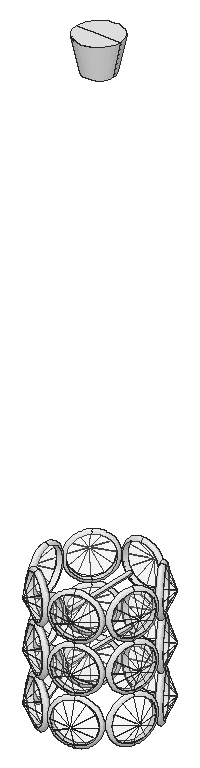
Revit family
Parameters (values of type "Incandescente 60 W")
  Тип линзы = Елемент STILLUX : Серебро
  Wattage Comments = "60"
  Wattage = 60 W
  built-in parameter 1150110 = 1 (stored number, unit not read)
  built-in parameter 1114217 = 1 (stored number, unit not read)
  built-in parameter 1150109 = 1 (stored number, unit not read)
  built-in parameter 1150134 = 4
  built-in parameter 1150113 = 1 (stored number, unit not read)
  Tilt Angle = 90.00°
  built-in parameter 1010507 = 1.5708 (stored number, unit not read)
  built-in parameter 1010506 = 0.5236 (stored number, unit not read)
  Lumens = 720 lm
  built-in parameter 1150115 = 1 (stored number, unit not read)
  built-in parameter 1150105 = 2407.4 (stored number, unit not read)
  Light Source Symbol Length = 3048 mm
  built-in parameter 1150137 = (empty or 0)
  built-in parameter 1150139 = (empty or 0)
  built-in parameter 1150112 = 1 (stored number, unit not read)
  built-in parameter 1150114 = 1 (stored number, unit not read)
  Hauteur interne = 70 mm
  Rayon_1 = 135 mm
  Rayon = 129.5 mm
  Hauteur de la mise en place [instance] = 1000 mm
  Matériau = 503. Metall serebro
  Manufacturer = ""
  Lamp = "Incandescente"
  built-in parameter 1150132 = (empty or 0)
  built-in parameter 1150102 = (empty or 0)
  built-in parameter 1150138 = (empty or 0)
  built-in parameter 1150107 = 2800 (stored number, unit not read)
  built-in parameter 1150106 = 24.074 (stored number, unit not read)
  built-in parameter 1150104 = 1.1148 (stored number, unit not read)
  Dimming Lamp Color Temperature Shift = (empty or 0)
  Description = ""
  Color Filter = 16777215
  built-in parameter 1114218 = 1 (stored number, unit not read)
  built-in parameter 1150133 = 10 (stored number, unit not read)
  Assembly Code = "D5020220"
Reference planes
  plane 1 "Axe de la source d'éclairage (av./arr.)": y = 0
  plane 2: z = 0
  plane 3 "Axe de la source d'éclairage (G/D)": x = 0
  plane 4 "Plafond": z = 3000
  plane 5 "Elévation de la source d'éclairage": z = 2000
  plane 6: z = 2151.095
  plane 7: z = 2070
Forms (mm)
  Revolve 1, solid, material "503. Metall serebro" <- "Matériau"
    sketch origin (0, 0, 0) x (1, 0, 0) y (0, 0, 1)
      loop
        line (0, 3000) -> (-37, 3000) -> (-25, 2943) -> (-5, 2943) -> (-5, 2938) -> (0, 2938) -> (0, 3000)
      axis (0, 2938) -> (0, 3000)
    angle from 0 to 360
  Extrusion 2, solid, material "503. Metall serebro" <- "Matériau"
    sketch origin (0, 0, 0) x (1, 0, 0) y (0, 0, 1)
      loop
        circle (0, 2070) r 3
      loop
        circle (0, 2151.095) r 3
    from -67.004 to 66.851
  Extrusion 3, void
    sketch origin (0, 0, 2000) x (-1, 0, 0) y (0, -1, 0)
      loop
        circle (0, 0) r 80
    from 0 to 200
Lines and regions (mm)
  Masking region 1
    outline origin (0, 0, 2000) x (-1, 0, 0) y (0, -1, 0)
      loop
        circle (0, 0) r 120
  model lines
    curve 1: line (0, 0, 2938) -> (0, 0, 2128)
  symbolic lines
    curve 2: line (0, 0, 2000) -> (84.853, 84.853, 2000)
    curve 3: line (0, 0, 2000) -> (-84.853, -84.853, 2000)
    curve 4: line (0, 0, 2000) -> (-84.853, 84.853, 2000)
    curve 5: line (0, 0, 2000) -> (84.853, -84.853, 2000)
Dimensions and locks
  equal spacing: host sketch curve, plane 3 "Axe de la source d'éclairage (G/D)", host sketch curve
  equal spacing: host sketch curve, plane 1 "Axe de la source d'éclairage (av./arr.)", host sketch curve
  host sketch curve to host sketch curve = 4000 mm  (x2)
  locked: plane 4 "Plafond" to host ceiling at 0
  locked: Revolve 1 sketch curve to Revolve 1 sketch curve at 57
  locked: plane 7 to plane 6 at 81.095
  "Hauteur interne": plane 5 "Elévation de la source d'éclairage" to plane 7
  "Hauteur de la mise en place": plane 5 "Elévation de la source d'éclairage" to plane 4 "Plafond"
  imposter light to Extrusion 3 = 200 mm
  radius of Masking region 1 sketch curve = 120 mm
  aligned and locked: plane 3 "Axe de la source d'éclairage (G/D)" to Revolve 1 sketch curve
  aligned and locked: plane 4 "Plafond" to Revolve 1 sketch curve
  aligned and locked: curve 1 to Revolve 1
  aligned and locked: imposter light to plane 3 "Axe de la source d'éclairage (G/D)"
  aligned and locked: plane 1 "Axe de la source d'éclairage (av./arr.)" to imposter light
  aligned and locked: plane 5 "Elévation de la source d'éclairage" to imposter light
  aligned and locked: plane 5 "Elévation de la source d'éclairage" to Extrusion 3
  aligned and locked: nested 1 to Extrusion 3
  aligned and locked: nested 2 to Extrusion 3
  aligned and locked: nested 3 to Extrusion 3
  aligned and locked: nested 4 to Extrusion 3
  aligned and locked: nested 5 to Extrusion 3
  aligned and locked: nested 6 to Extrusion 3
  aligned and locked: nested 7 to Extrusion 3
Automatic sketch dimensions
  curve 1 to plane 5 "Elévation de la source d'éclairage" = 128 mm
  plane 4 "Plafond" to curve 1 = 62 mm
  Revolve 1 sketch curve to plane 3 "Axe de la source d'éclairage (G/D)" = 0 mm
  Revolve 1 sketch curve to plane 3 "Axe de la source d'éclairage (G/D)" = 5 mm
  Revolve 1 sketch curve to Revolve 1 sketch curve = 20 mm
  Revolve 1 sketch curve to Revolve 1 sketch curve = 37 mm
  Revolve 1 sketch curve to Revolve 1 sketch curve = 5 mm
  Revolve 1 sketch curve to level = 358.228 mm
  Revolve 1 sketch curve to plane 4 "Plafond" = 362.185 mm
  Extrusion 2 sketch curve to plane 3 "Axe de la source d'éclairage (G/D)" = 0 mm  (x2)
  Extrusion 2 sketch curve to plane 7 = 0 mm
  Extrusion 2 sketch curve to plane 6 = 0 mm
  plane 1 "Axe de la source d'éclairage (av./arr.)" to Masking region 1 sketch curve = 0 mm
  Masking region 1 sketch curve to plane 3 "Axe de la source d'éclairage (G/D)" = 0 mm
  plane 1 "Axe de la source d'éclairage (av./arr.)" to curve 3 = 0 mm
  curve 3 to plane 3 "Axe de la source d'éclairage (G/D)" = 0 mm
  plane 3 "Axe de la source d'éclairage (G/D)" to curve 5 = 84.853 mm
  plane 3 "Axe de la source d'éclairage (G/D)" to curve 2 = 84.853 mm
  curve 4 to plane 3 "Axe de la source d'éclairage (G/D)" = 84.853 mm
  curve 3 to plane 3 "Axe de la source d'éclairage (G/D)" = 84.853 mm
  curve 4 to plane 1 "Axe de la source d'éclairage (av./arr.)" = 84.853 mm
  curve 2 to plane 1 "Axe de la source d'éclairage (av./arr.)" = 84.853 mm
  plane 1 "Axe de la source d'éclairage (av./arr.)" to Extrusion 3 sketch curve = 0 mm
  Extrusion 3 sketch curve to plane 3 "Axe de la source d'éclairage (G/D)" = 0 mm
  radius of Extrusion 2 sketch curve = 3 mm  (x2)
  radius of Extrusion 3 sketch curve = 80 mm
Nested families
  nested 1: "Елемент STILLUX" at (67.91, 42.287, 2000) x (0, 0, 1) z (0.8489, 0.5286, 0), type <- "Тип линзы", type "Серебро"
    with Стекло 504. Steklo beloe
  nested 2: "Елемент STILLUX" at (8.487, 79.549, 2000) x (0, 0, 1) z (0.1061, 0.9944, 0), type <- "Тип линзы", type "Серебро"
    with Стекло 504. Steklo beloe
  nested 3: "Елемент STILLUX" at (-56.569, 56.569, 2000) x (0, 0, 1) z (-0.7071, 0.7071, 0), type <- "Тип линзы", type "Серебро"
    with Стекло 504. Steklo beloe
  nested 4: "Елемент STILLUX" at (-79.696, -6.972, 2000) x (0, 0, 1) z (-0.9962, -0.0872, 0), type <- "Тип линзы", type "Серебро"
    with Стекло 504. Steklo beloe
  nested 5: "Елемент STILLUX" at (-43.571, -67.094, 2000) x (0, 0, 1) z (-0.5446, -0.8387, 0), type <- "Тип линзы", type "Серебро"
    with Стекло 504. Steklo beloe
  nested 6: "Елемент STILLUX" at (24.841, -76.046, 2000) x (0, 0, 1) z (0.3105, -0.9506, 0), type <- "Тип линзы", type "Серебро"
    with Стекло 504. Steklo beloe
  nested 7: "Елемент STILLUX" at (75.218, -27.243, 2000) x (0, 0, 1) z (0.9402, -0.3405, 0), type <- "Тип линзы", type "Серебро"
    with Стекло 504. Steklo beloe
  nested 8: "Елемент STILLUX" at (67.91, 42.287, 2080) x (0, 0, 1) z (0.8489, 0.5286, 0), type <- "Тип линзы", type "Серебро"
    with Стекло 504. Steklo beloe
  nested 9: "Елемент STILLUX" at (8.487, 79.549, 2080) x (0, 0, 1) z (0.1061, 0.9944, 0), type <- "Тип линзы", type "Серебро"
    with Стекло 504. Steklo beloe
  nested 10: "Елемент STILLUX" at (-56.569, 56.569, 2080) x (0, 0, 1) z (-0.7071, 0.7071, 0), type <- "Тип линзы", type "Серебро"
    with Стекло 504. Steklo beloe
  nested 11: "Елемент STILLUX" at (-79.696, -6.972, 2080) x (0, 0, 1) z (-0.9962, -0.0872, 0), type <- "Тип линзы", type "Серебро"
    with Стекло 504. Steklo beloe
  nested 12: "Елемент STILLUX" at (-43.571, -67.094, 2080) x (0, 0, 1) z (-0.5446, -0.8387, 0), type <- "Тип линзы", type "Серебро"
    with Стекло 504. Steklo beloe
  nested 13: "Елемент STILLUX" at (24.841, -76.046, 2080) x (0, 0, 1) z (0.3105, -0.9506, 0), type <- "Тип линзы", type "Серебро"
    with Стекло 504. Steklo beloe
  nested 14: "Елемент STILLUX" at (75.218, -27.243, 2080) x (0, 0, 1) z (0.9402, -0.3405, 0), type <- "Тип линзы", type "Серебро"
    with Стекло 504. Steklo beloe
  nested 15: "Елемент STILLUX" at (67.91, 42.287, 2160) x (0, 0, 1) z (0.8489, 0.5286, 0), type <- "Тип линзы", type "Серебро"
    with Стекло 504. Steklo beloe
  nested 16: "Елемент STILLUX" at (8.487, 79.549, 2160) x (0, 0, 1) z (0.1061, 0.9944, 0), type <- "Тип линзы", type "Серебро"
    with Стекло 504. Steklo beloe
  nested 17: "Елемент STILLUX" at (-56.569, 56.569, 2160) x (0, 0, 1) z (-0.7071, 0.7071, 0), type <- "Тип линзы", type "Серебро"
    with Стекло 504. Steklo beloe
  nested 18: "Елемент STILLUX" at (-79.696, -6.972, 2160) x (0, 0, 1) z (-0.9962, -0.0872, 0), type <- "Тип линзы", type "Серебро"
    with Стекло 504. Steklo beloe
  nested 19: "Елемент STILLUX" at (-43.571, -67.094, 2160) x (0, 0, 1) z (-0.5446, -0.8387, 0), type <- "Тип линзы", type "Серебро"
    with Стекло 504. Steklo beloe
  nested 20: "Елемент STILLUX" at (24.841, -76.046, 2160) x (0, 0, 1) z (0.3105, -0.9506, 0), type <- "Тип линзы", type "Серебро"
    with Стекло 504. Steklo beloe
  nested 21: "Елемент STILLUX" at (75.218, -27.243, 2160) x (0, 0, 1) z (0.9402, -0.3405, 0), type <- "Тип линзы", type "Серебро"
    with Стекло 504. Steklo beloe
Definition of nested family "Елемент STILLUX"
  Parameters (values of type "Серебро")
    Стекло [instance] = 504. Steklo beloe
    Default Elevation = 1219.2 mm
    Ободок = 503. Metall serebro
  Types (4, lengths in mm): name | Стекло | Ободок
    (no name) | 504. Steklo beloe | 503. Metall serebro
    Золото | 504. Steklo yellou | 503. Metall zoloto
    Серебро | 504. Steklo beloe | 503. Metall serebro
    Красный | 504. Steklo red | 503. Metall serebro
  Reference planes
    plane 1 "По центру (Вперед/Назад)": y = 0
    plane 2: z = 0
    plane 3 "По центру (Влево/Вправо)": x = 0
  Forms (mm)
    Extrusion 1, solid
      sketch origin (0, 0, 0) x (1, 0, 0) y (0, 1, 0)
        loop
          line (-1219.2, 1219.2) -> (-1219.2, -1219.2) -> (1219.2, -1219.2) -> (1219.2, 1219.2) -> (-1219.2, 1219.2)
      from 0 to -304.8
    Revolve 2, solid, material "503. Metall serebro" <- "Ободок"
      sketch origin (0, 0, 0) x (1, 0, 0) y (0, 0, 1)
        loop
          line (-35, 0.363) -> (-35, 9.637)
          spline (-35, 9.637) -> (-36.404, 9.179) -> (-37.637, 8.558) -> (-38.649, 7.797) -> (-39.402, 6.928) -> (-39.865, 5.983) -> (-40.022, 5) -> (-39.865, 4.017) -> (-39.402, 3.072) -> (-38.649, 2.203) -> (-37.637, 1.442) -> (-36.404, 0.821) -> (-35, 0.363)
        axis (0, 9.637) -> (0, 0.363)
      angle from 0 to 360
    SweptBlend 3, solid, material "504. Steklo beloe" <- "Стекло"
      path origin (0, 0, 0) x (1, 0, 0) y (0, 0, 1)
        loop
          line (0, 10) -> (0, 25)
      profile origin (0, 0, 10) x (-1, 0, 0) y (0, -1, 0)
        loop
          line (35, 0) -> (30.311, 17.5) -> (17.5, 30.311) -> (0, 35) -> (-17.5, 30.311) -> (-30.311, 17.5) -> (-35, 0) -> (-30.311, -17.5) -> (-17.5, -30.311) -> (0, -35) -> (17.5, -30.311) -> (30.311, -17.5) -> (35, 0)
      end profile origin (0, 0, 25) x (-1, 0, 0) y (0, -1, 0)
        loop
          line (0, -2) -> (1, -1.732) -> (1.732, -1) -> (2, 0) -> (1.732, 1) -> (1, 1.732) -> (0, 2) -> (-1, 1.732) -> (-1.732, 1) -> (-2, 0) -> (-1.732, -1) -> (-1, -1.732) -> (0, -2)
  Dimensions and locks
    aligned and locked: plane 2 to Extrusion 1
    aligned and locked: level to Extrusion 1
